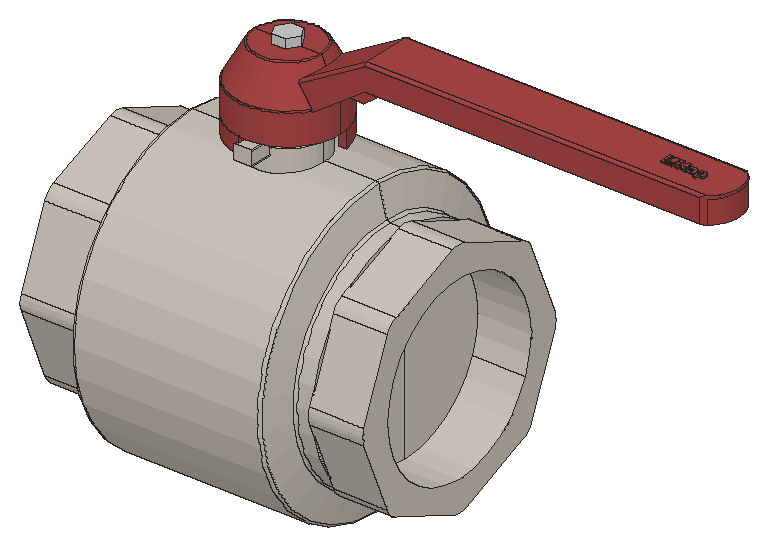
Revit family "090.", category Pipe Accessories, Revit 2019
Family settings
  Round Connector Dimension = Use Diameter
  Part Type = Valve - Breaks Into
  OmniClass Number = 23.45.00.00
  OmniClass Title = Sanitary, Laundry, and Cleaning Equipment
  Work Plane-Based = No
  Always vertical = Yes
  Cut with Voids When Loaded = No
  Shared = No
Parameters
  Screw = "Zinc-plated steel C4C"  # constant formula
  SH [instance] = size_lookup(CSV, "SH", 0.00 mm, DN)  # 10.00 mm
  SD [instance] = size_lookup(CSV, "SD", 0.00 mm, DN)  # 30.00 mm
  Lever handle = "Varnished steel P04\r"  # constant formula
  Lever Width [instance] = size_lookup(CSV, "W", 0.00 mm, DN)  # 50.00 mm
  URL = "https://www.itap.it/en/products/valves/ball-valves-and-gate-valves/090/"
  Stem = "Brass CW614N"  # constant formula
  Seat = "P.T.F.E."  # constant formula
  O-ring = "NBR"  # constant formula
  O ring = "Viton"  # constant formula
  Manufacturer = "ITAP S.p.A."  # constant formula
  Model = "090"
  LBS - psi [instance] = size_lookup(CSV, "LBS - psi", 0.00 mm, DN)  # 203.00 mm
  Kg/cm2 bar [instance] = size_lookup(CSV, "Kg/cm2 bar", 0.00 mm, DN)  # 14.00 mm
  HO [instance] = size_lookup(CSV, "HO", 0.00 mm, DN)  # 0.00 mm
  H1 [instance] = size_lookup(CSV, "H1", 0.00 mm, DN)  # 15.30 mm
  H [instance] = size_lookup(CSV, "H", 0.00 mm, DN)  # 18.00 mm
  F1 [instance] = size_lookup(CSV, "F1", 0.00 mm, DN)  # 34.00 mm
  Female end adapter = "Nickel-plated brass CW617N"  # constant formula
  F [instance] = size_lookup(CSV, "F", 0.00 mm, DN)  # 30.00 mm
  E [instance] = size_lookup(CSV, "E", 0.00 mm, DN)  # 100.00 mm
  Description = "IDEAL BALL VALVE, FULL FLOW"
  DN [instance] = 100.00 mm
  D [instance] = size_lookup(CSV, "D", 0.00 mm, DN)  # 250.00 mm
  Code [instance] = size_lookup(CSV, "", "-", DN)  # "0900400/N"
  CSV = "ITAP"
  G [instance] = size_lookup(CSV, "G", 0.00 mm, DN)  # 30.00 mm
  CH [instance] = size_lookup(CSV, "CH", 0.00 mm, DN)  # 125.00 mm
  C1 [instance] = Lever Width / 2  # 25.00 mm
  C [instance] = size_lookup(CSV, "C", 0.00 mm, DN)  # 149.00 mm
  Body = "Nickel-plated brass CW617N\r"  # constant formula
  Ball = "Chrome-plated brass CW617N"  # constant formula
  B [instance] = size_lookup(CSV, "B", 0.00 mm, DN)  # 164.00 mm
  AC1 [instance] = size_lookup(CSV, "AC1", 0.00 mm, DN)  # 3.00 mm
  AC [instance] = size_lookup(CSV, "AC", 0.00 mm, DN)  # 4.30 mm
  AB1 [instance] = size_lookup(CSV, "AB1", 0.00 mm, DN)  # 6.70 mm
  AB [instance] = size_lookup(CSV, "AB", 0.00 mm, DN)  # 10.40 mm
  A [instance] = size_lookup(CSV, "A", 0.00 mm, DN)  # 190.00 mm
Reference planes
  plane 1 "Centro (Fronte/Retro)": y = 0
  plane 2: z = 0
  plane 3 "Centro (Sinistra/Destra)": x = 0
  plane 4: z = 149
  plane 5: z = 82
  plane 6: x = -95
  plane 7: x = 95
  plane 8: x = -65
  plane 9: x = 65
  plane 10: z = -82
  plane 11: z = -50
  plane 12: y = 15
  plane 13: y = -15
  plane 14: y = 62.5
  plane 15: y = -62.5
  plane 16: x = -61
  plane 17: x = -57.3
  plane 18: x = -54.3
  plane 19: z = -66.7
  plane 20: z = -64
  plane 21: x = 50.3
  plane 22: x = 54.6
  plane 23: z = 50
  plane 24: x = 250
  plane 25: y = 3.487
  plane 26: y = -2.837
  plane 27: x = 0
Forms (mm)
  Revolve 1, solid, material "Body material_golden", detail levels fine
    sketch origin (0, 0, 0) x (1, 0, 0) y (0, 0, 1)
      loop
        line (-61, 0) -> (-61, -66.7)
        arc (-61, -66.7) -> (-58.669, -67.483) -> (-57.3, -69.527) r 3.814
        line (-57.3, -69.527) -> (-54.3, -80.723)
        arc (-54.3, -80.723) -> (-53.74, -81.601) -> (-52.778, -82) r 1.732
        line (-52.778, -82) -> (48.564, -82)
        arc (48.564, -82) -> (49.566, -81.732) -> (50.3, -80.998) r 2.004
        line (50.3, -80.998) -> (54.6, -64.999)
        arc (54.6, -64.999) -> (55.332, -64.268) -> (56.332, -64) r 2
        line (56.332, -64) -> (65, -64) -> (65, 0) -> (-61, 0)
      axis (-61, 0) -> (65, 0)
    angle from 0 to 360
  Extrusion 2, solid, material "Valve material_Red", detail levels fine
    sketch origin (-98.521, -1524, 149) x (-1, 0, 0) y (0, -1, 0)
      loop
        line (-314.2, -1527.487) -> (-314.2, -1526.014) -> (-315.689, -1526.014) -> (-315.689, -1527.487) -> (-314.2, -1527.487)
      loop
        line (-314.2, -1525.56) -> (-314.2, -1522.839)
        arc (-314.2, -1522.839) -> (-314.691, -1521.654) -> (-315.876, -1521.163) r 1.676
        line (-315.876, -1521.163) -> (-317.209, -1521.163) -> (-317.209, -1522.613) -> (-316.268, -1522.613)
        arc (-316.268, -1522.613) -> (-315.858, -1522.783) -> (-315.689, -1523.193) r 0.579
        line (-315.689, -1523.193) -> (-315.689, -1525.56) -> (-314.2, -1525.56)
      loop
        line (-317.707, -1527.487) -> (-317.707, -1525.56) -> (-316.247, -1525.56) -> (-316.247, -1524.04) -> (-317.707, -1524.04) -> (-317.707, -1523.212)
        arc (-317.707, -1523.212) -> (-318.307, -1521.763) -> (-319.756, -1521.163) r 2.049
        line (-319.756, -1521.163) -> (-320.751, -1521.163) -> (-320.751, -1522.613) -> (-319.818, -1522.613)
        arc (-319.818, -1522.613) -> (-319.421, -1522.778) -> (-319.257, -1523.175) r 0.561
        line (-319.257, -1523.175) -> (-319.257, -1524.04) -> (-320.751, -1524.04) -> (-320.751, -1524.997)
        arc (-320.751, -1524.997) -> (-320.587, -1525.395) -> (-320.189, -1525.56) r 0.562
        line (-320.189, -1525.56) -> (-319.257, -1525.56) -> (-319.257, -1527.487) -> (-317.707, -1527.487)
      loop
        line (-321.295, -1524.04) -> (-323.227, -1524.04)
        arc (-323.227, -1524.04) -> (-324.116, -1523.593) -> (-324.288, -1522.613) r 1.108
        line (-324.288, -1522.613) -> (-321.295, -1522.613) -> (-321.295, -1521.163) -> (-325.226, -1521.163)
        arc (-325.226, -1521.163) -> (-325.63, -1521.33) -> (-325.798, -1521.734) r 0.571
        line (-325.798, -1521.734) -> (-325.798, -1523.206)
        arc (-325.798, -1523.206) -> (-325.108, -1524.87) -> (-323.444, -1525.56) r 2.354
        line (-323.444, -1525.56) -> (-321.863, -1525.56)
        arc (-321.863, -1525.56) -> (-321.462, -1525.393) -> (-321.295, -1524.992) r 0.568
        line (-321.295, -1524.992) -> (-321.295, -1524.04)
      loop
        line (-326.383, -1524.04) -> (-328.315, -1524.04)
        arc (-328.315, -1524.04) -> (-329.204, -1523.593) -> (-329.376, -1522.613) r 1.108
        line (-329.376, -1522.613) -> (-326.383, -1522.613) -> (-326.383, -1519.519) -> (-327.833, -1519.519) -> (-327.833, -1521.163) -> (-330.314, -1521.163)
        arc (-330.314, -1521.163) -> (-330.718, -1521.33) -> (-330.885, -1521.734) r 0.571
        line (-330.885, -1521.734) -> (-330.885, -1523.206)
        arc (-330.885, -1523.206) -> (-330.196, -1524.87) -> (-328.532, -1525.56) r 2.354
        line (-328.532, -1525.56) -> (-326.95, -1525.56)
        arc (-326.95, -1525.56) -> (-326.549, -1525.393) -> (-326.383, -1524.992) r 0.568
        line (-326.383, -1524.992) -> (-326.383, -1524.04)
      loop
        line (-313.563, -1521.163) -> (-313.563, -1527.487) -> (-307.263, -1527.487) -> (-307.263, -1521.163) -> (-313.563, -1521.163)
      loop
        line (-308.515, -1526.964) -> (-308.515, -1525.522)
        arc (-308.515, -1525.522) -> (-308.944, -1525.331) -> (-309.372, -1525.522) r 0.575
        arc (-309.372, -1525.522) -> (-309.911, -1525.844) -> (-310.518, -1525.686) r 0.812
        line (-310.518, -1525.686) -> (-310.518, -1526.964) -> (-308.515, -1526.964)
      loop
        line (-310.518, -1523.719) -> (-310.518, -1525.169)
        arc (-310.518, -1525.169) -> (-310.025, -1525.418) -> (-309.533, -1525.169) r 0.612
        arc (-309.533, -1525.169) -> (-309.024, -1524.912) -> (-308.515, -1525.169) r 0.632
        line (-308.515, -1525.169) -> (-308.515, -1523.48)
        arc (-308.515, -1523.48) -> (-309.018, -1522.267) -> (-310.231, -1521.764) r 1.715
        line (-310.231, -1521.764) -> (-313.137, -1521.764) -> (-313.137, -1523.719) -> (-310.518, -1523.719)
    from 0.5 to -0.5
Lines and regions (mm)
  model lines, detail levels coarse+medium
    curve 1: line (-65, 62.5, 0) -> (-65, -62.5, 0)
    curve 2: line (65, 62.5, 0) -> (65, -62.5, 0)
    curve 3: line (65, 0, 0) -> (95, 0, 0)
    curve 4: line (-65, 0, 0) -> (-95, 0, 0)
    curve 5: line (-65, 62.5, 0) -> (-12.459, 48.423, 0)
    curve 6: line (65, 62.5, 0) -> (12.459, 48.423, 0)
    curve 7: circle (0, 0, 0) r 50 normal (0, 0, 1)
    curve 8: line (-12.459, -48.423, 0) -> (-65, -62.5, 0)
    curve 9: line (12.459, -48.423, 0) -> (65, -62.5, 0)
Dimensions and locks
  "C": plane 4 to level
  equal spacing: plane 6, plane 3 "Centro (Sinistra/Destra)", plane 7
  "A": plane 6 to plane 7
  "G": plane 6 to plane 8
  "F": plane 7 to plane 9
  equal spacing: plane 5, level, plane 10
  "B": plane 5 to plane 10
  equal spacing: plane 13, plane 1 "Centro (Fronte/Retro)", plane 12
  "G": plane 13 to plane 12
  equal spacing: plane 14, plane 1 "Centro (Fronte/Retro)", plane 15
  "CH": plane 14 to plane 15
  "F1": plane 16 to plane 6
  nested 1 to nested 1 = 125.00 mm
  locked: plane 18 to Revolve 1 sketch curve at 1.522
  "AC1": plane 17 to plane 18
  "H1": plane 19 to plane 10
  locked: Revolve 1 sketch curve to Revolve 1 sketch curve at 1.987
  locked: Revolve 1 sketch curve to plane 10 at 1.277
  "AB1": plane 18 to plane 16
  "H": plane 20 to plane 10
  "AC": plane 21 to plane 22
  locked: Revolve 1 sketch curve to plane 22 at 1.732
  locked: Revolve 1 sketch curve to plane 10 at 1.002
  locked: Revolve 1 sketch curve to Revolve 1 sketch curve at 2.004
  locked: Revolve 1 sketch curve to Revolve 1 sketch curve at 1.999
  "AB": plane 9 to plane 22
  equal spacing: plane 23, plane 2, plane 11
  "E": plane 23 to plane 11
  "D": plane 24 to plane 3 "Centro (Sinistra/Destra)"
  Extrusion 2 to Extrusion 2 to Extrusion 2 to Extrusion 2 to Extrusion 2 to Extrusion 2 to plane 24 = 6.30 mm locked, 3.645 mm locked, 4.087 mm locked, 5.088 mm locked, 4.502 mm locked, 17.636 mm locked
  plane 26 to plane 1 "Centro (Fronte/Retro)" to plane 25 = 2.837 mm locked, 3.487 mm locked
  Extrusion 2 to plane 4 to Extrusion 2 = 0.50 mm, 0.50 mm
  "HO": plane 3 "Centro (Sinistra/Destra)" to plane 27
  "DN": diameter of curve 7
  aligned and locked: level to plane 2
  aligned and locked: Revolve 1 sketch curve to plane 9
  aligned and locked: plane 10 to Revolve 1 sketch curve  (x2)
  aligned and locked: nested 1 to plane 7
  aligned and locked: curve 2 to plane 9
  aligned and locked: curve 1 to plane 8
  aligned and locked: plane 14 to curve 5
  aligned and locked: plane 15 to curve 8
  aligned and locked: curve 9 to plane 15
  aligned and locked: curve 6 to plane 14
  aligned and locked: Revolve 1 sketch curve to level
  aligned and locked: Revolve 1 sketch curve to plane 2
  aligned and locked: plane 1 "Centro (Fronte/Retro)" to nested 2
  aligned and locked: nested 2 to plane 2
  aligned and locked: nested 2 to plane 6
  aligned and locked: plane 22 to Revolve 1 sketch curve
  aligned and locked: plane 21 to Revolve 1 sketch curve
  aligned and locked: Revolve 1 sketch curve to plane 20
  aligned and locked: Revolve 1 sketch curve to plane 16
  aligned and locked: plane 17 to Revolve 1 sketch curve
  aligned and locked: plane 19 to Revolve 1 sketch curve
  aligned and locked: Extrusion 2 to plane 25  (x3)
  aligned and locked: plane 26 to Extrusion 2  (x5)
  aligned and locked: plane 27 to nested 3
  aligned and locked: plane 1 "Centro (Fronte/Retro)" to nested 3
  aligned and locked: nested 3 to plane 4
Automatic sketch dimensions
  plane 1 "Centro (Fronte/Retro)" to curve 4 = 0.00 mm
  curve 4 to plane 6 = 0.00 mm
  plane 1 "Centro (Fronte/Retro)" to curve 7 = 0.00 mm
  curve 7 to plane 3 "Centro (Sinistra/Destra)" = 0.00 mm
  plane 1 "Centro (Fronte/Retro)" to curve 3 = 0.00 mm
  curve 3 to plane 7 = 0.00 mm
  Revolve 1 sketch curve to plane 8 = 0.00 mm
  plane 16 to Revolve 1 sketch curve = 0.016 mm
  Revolve 1 sketch curve to plane 18 = 1.673 mm
  plane 22 to Revolve 1 sketch curve = 2.515 mm
  curve 5 to plane 3 "Centro (Sinistra/Destra)" = 12.459 mm
  plane 3 "Centro (Sinistra/Destra)" to curve 6 = 12.459 mm
  curve 8 to plane 3 "Centro (Sinistra/Destra)" = 12.459 mm
  plane 3 "Centro (Sinistra/Destra)" to curve 9 = 12.459 mm
  plane 26 to Extrusion 2 sketch curve = 0.00 mm  (x5)
  plane 25 to Extrusion 2 sketch curve = 0.00 mm  (x3)
  Extrusion 2 sketch curve to plane 26 = 0.571 mm
  Extrusion 2 sketch curve to plane 24 = 17.636 mm
  Extrusion 2 sketch curve to Extrusion 2 sketch curve = 0.938 mm  (x2)
  Extrusion 2 sketch curve to plane 1 "Centro (Fronte/Retro)" = 1.56 mm  (x2)
  Extrusion 2 sketch curve to Extrusion 2 sketch curve = 0.844 mm
  Extrusion 2 sketch curve to Extrusion 2 sketch curve = 0.217 mm  (x2)
  Extrusion 2 sketch curve to Extrusion 2 sketch curve = 2.481 mm
  Extrusion 2 sketch curve to Extrusion 2 sketch curve = 1.364 mm  (x2)
  Extrusion 2 sketch curve to Extrusion 2 sketch curve = 1.932 mm  (x2)
  Extrusion 2 sketch curve to plane 1 "Centro (Fronte/Retro)" = 0.04 mm  (x4)
  Extrusion 2 sketch curve to Extrusion 2 sketch curve = 0.568 mm  (x2)
  Extrusion 2 sketch curve to Extrusion 2 sketch curve = 0.585 mm
  Extrusion 2 sketch curve to Extrusion 2 sketch curve = 0.571 mm
  Extrusion 2 sketch curve to Extrusion 2 sketch curve = 2.939 mm
  Extrusion 2 sketch curve to Extrusion 2 sketch curve = 0.544 mm  (x2)
  Extrusion 2 sketch curve to Extrusion 2 sketch curve = 0.562 mm
  Extrusion 2 sketch curve to Extrusion 2 sketch curve = 0.933 mm
  Extrusion 2 sketch curve to Extrusion 2 sketch curve = 0.995 mm
  Extrusion 2 sketch curve to Extrusion 2 sketch curve = 0.499 mm
  Extrusion 2 sketch curve to Extrusion 2 sketch curve = 0.932 mm
  plane 1 "Centro (Fronte/Retro)" to Extrusion 2 sketch curve = 0.788 mm
  Extrusion 2 sketch curve to Extrusion 2 sketch curve = 1.55 mm
  Extrusion 2 sketch curve to Extrusion 2 sketch curve = 0.498 mm
  Extrusion 2 sketch curve to Extrusion 2 sketch curve = 0.941 mm
  Extrusion 2 sketch curve to Extrusion 2 sketch curve = 1.46 mm
  Extrusion 2 sketch curve to Extrusion 2 sketch curve = 0.392 mm
  Extrusion 2 sketch curve to Extrusion 2 sketch curve = 0.558 mm
  Extrusion 2 sketch curve to Extrusion 2 sketch curve = 0.187 mm
  Extrusion 2 sketch curve to Extrusion 2 sketch curve = 1.489 mm
  Extrusion 2 sketch curve to Extrusion 2 sketch curve = 0.00 mm  (x4)
  Extrusion 2 sketch curve to Extrusion 2 sketch curve = 0.636 mm
  Extrusion 2 sketch curve to Extrusion 2 sketch curve = 0.427 mm
  plane 25 to Extrusion 2 sketch curve = 0.523 mm
  Extrusion 2 sketch curve to Extrusion 2 sketch curve = 3.045 mm
  plane 1 "Centro (Fronte/Retro)" to Extrusion 2 sketch curve = 0.281 mm
  Extrusion 2 sketch curve to plane 26 = 0.601 mm
  Extrusion 2 sketch curve to Extrusion 2 sketch curve = 0.287 mm
  Extrusion 2 sketch curve to Extrusion 2 sketch curve = 0.493 mm
  Extrusion 2 sketch curve to Extrusion 2 sketch curve = 1.001 mm
  Extrusion 2 sketch curve to Extrusion 2 sketch curve = 0.08 mm
  Extrusion 2 sketch curve to Extrusion 2 sketch curve = 0.428 mm
  plane 1 "Centro (Fronte/Retro)" to Extrusion 2 sketch curve = 0.52 mm
  Extrusion 2 sketch curve to Extrusion 2 sketch curve = 1.252 mm
  plane 25 to Extrusion 2 sketch curve = 1.473 mm
  Extrusion 2 sketch curve to Extrusion 2 sketch curve = 1.059 mm
  Extrusion 2 sketch curve to Extrusion 2 sketch curve = 1.278 mm
  Extrusion 2 sketch curve to Extrusion 2 sketch curve = 0.454 mm
  Extrusion 2 sketch curve to Extrusion 2 sketch curve = 1.52 mm
  Extrusion 2 sketch curve to Extrusion 2 sketch curve = 0.361 mm
  Extrusion 2 sketch curve to Extrusion 2 sketch curve = 0.022 mm
  Extrusion 2 sketch curve to Extrusion 2 sketch curve = 0.353 mm
  Extrusion 2 sketch curve to Extrusion 2 sketch curve = 0.517 mm
  Extrusion 2 sketch curve to Extrusion 2 sketch curve = 0.129 mm
  Extrusion 2 sketch curve to Extrusion 2 sketch curve = 0.234 mm
  Extrusion 2 sketch curve to Extrusion 2 sketch curve = 0.354 mm
  Extrusion 2 sketch curve to Extrusion 2 sketch curve = 0.037 mm
  Extrusion 2 sketch curve to Extrusion 2 sketch curve = 0.274 mm  (x2)
  plane 26 to Extrusion 2 sketch curve = 1.644 mm
Nested families
  nested 1: "BOLT(2)" at (99.509, -62.5, -45.982) x (0, 1, 0) z (0, 0, 1), F <- "F", E <- "E", CH <- "CH", type "BOLT(2)", detail levels fine
    with W 8.50 mm, F 30.00 mm, E 100.00 mm, CH 125.00 mm, Body Body material_golden
  nested 2: "BOLT(2)" at (-60.491, -62.5, -45.982) x (0, 1, 0) z (0, 0, 1), F <- "F1", CH <- "CH", E <- "E", type "BOLT(2)", detail levels fine
    with W 8.50 mm, F 34.00 mm, E 100.00 mm, CH 125.00 mm, Body Body material_golden
  nested 3: "Valve handle_090_1" at (0, 0, 0.5), DN <- "DN", type "Valve handle_090_1", detail levels fine
    with h2 6.00 mm, h1 3.50 mm, body material Body material_golden, X2 20.00 mm, X1 17.50 mm, Width of lever 30.00 mm, WH 94.94 mm, TL 62.00 mm, T2 8.24 mm, T1 10.00 mm, RH2 115.50 mm, RH1 98.00 mm, RH 86.70 mm, R1 18.00 mm, R 29.50 mm, Lever bolt material_silver Valve material_Screw, Lever Material Valve material_Red, Lever Height 23.20 mm, L3 11.00 mm, L2 54.50 mm, L1 14.30 mm, Head Rod 62.00 mm, Extrusion height 89.00 mm, DNA 100.00 mm, DN 100.00 mm, D2 17.00 mm, D1 54.50 mm, D 250.00 mm, C4 97.50 mm, C3 103.80 mm, C2 127.00 mm, C1 134.00 mm, C 148.50 mm, Bolt Height 5.00 mm, Bolt Diameter 13.00 mm, 80 yes, 65 no
Connectors
  piping at (95, 0, 0), diameter 100, driven by "DN"
    settings: on nested 1, index 1, connector inside diameter 609.6 mm, connector length 0.00 mm, flow factor 0, pipe flow 0.0 L/s, pressure drop 0.0 Pa, fitting loss kfactor 0, connector angle 0.00°, fixture units 0, engagement length 0.00 mm, angle of deflection 0.00°, flow configuration 0, flow direction 0, fitting loss method 0, system type 28, joint type 0, gender type 0, connector reference index -1, connector utility 0, adjustable connector no, is connector primary yes, connector description ""
  piping at (-95, 0, 0), diameter 100, driven by "DN"
    settings: on nested 2, index 2, connector inside diameter 609.6 mm, connector length 0.00 mm, flow factor 0, pipe flow 0.0 L/s, pressure drop 0.0 Pa, fitting loss kfactor 0, connector angle 0.00°, fixture units 0, engagement length 0.00 mm, angle of deflection 0.00°, flow configuration 0, flow direction 0, fitting loss method 0, system type 28, joint type 0, gender type 0, connector reference index -1, connector utility 0, adjustable connector no, is connector primary no, connector description ""
Definition of nested family "BOLT(2)"
  Parameters (values of type "BOLT(2)")
    W [instance] = CH / 14.7059  # 1.70 mm
    E [instance] = 15.00 mm
    CH [instance] = 25.00 mm
    F [instance] = 15.00 mm
    Body [instance] = none
  Reference planes
    plane 1 "Center (Front/Back)": y = 0
    plane 2: z = 0
    plane 3 "Center (Left/Right)": x = 0
    plane 4: through (-714.415, 1225.272, -1796.993) normal (0.9239, 0, -0.3827)
    plane 5: through (-691.318, 1225.272, -1806.56) normal (0.9239, 0, -0.3827)
    plane 6: through (1905.476, 1225.272, -730.933) normal (0.3827, 0, 0.9239)
    plane 7: through (1915.043, 1225.272, -707.836) normal (0.3827, 0, 0.9239)
    plane 8: through (62.5, 1225.272, 45.982) normal (-0.9239, 0, -0.3827)
    plane 9: through (42.834, 1225.272, 60.797) normal (-0.9239, 0, -0.3827)
    plane 10: through (65.931, 1225.272, 70.364) normal (-0.9239, 0, -0.3827)
    plane 11: through (42.902, 1225.272, 37.865) normal (0.3827, 0, -0.9239)
    plane 12: through (38.118, 1225.272, 49.413) normal (0.3827, 0, -0.9239)
    plane 13: through (47.685, 1225.272, 26.316) normal (0.3827, 0, -0.9239)
    plane 14: through (62.5, 15.272, 45.982) normal (-0.3827, 0, -0.9239)
    plane 15: through (62.5, 15.272, 45.982) normal (0.9239, 0, -0.3827)
    plane 16: x = 62.5
    plane 17: x = 63.35
    plane 18: x = 61.65
    plane 19: through (62.5, -1524, 45.982) normal (-0.7071, 0, -0.7071)
    plane 20: through (76.076, -1524, 33.609) normal (-0.7071, 0, -0.7071)
    plane 21: through (74.874, -1524, 32.407) normal (-0.7071, 0, -0.7071)
    plane 22: z = 45.982
    plane 23: z = 46.832
    plane 24: z = 45.132
    plane 25: through (62.5, -1524, 45.982) normal (0.7071, 0, -0.7071)
    plane 26: through (75.309, -1524, 59.993) normal (0.7071, 0, -0.7071)
    plane 27: through (76.511, -1524, 58.791) normal (0.7071, 0, -0.7071)
  Forms (mm)
    Extrusion 1, solid, material <- "Body"
      sketch origin (62.5, 25.272, 45.982) x (0.92388, 0, -0.382683) y (-0.382683, 0, -0.92388)
        loop
          arc (-11.849, 5.828) -> (-12.331, 5.108) -> (-12.5, 4.258) r 2.221
          line (-12.5, 4.258) -> (-12.5, -4.258)
          arc (-12.5, -4.258) -> (-12.331, -5.108) -> (-11.849, -5.828) r 2.221
          line (-11.849, -5.828) -> (-5.828, -11.849)
          arc (-5.828, -11.849) -> (-5.108, -12.331) -> (-4.258, -12.5) r 2.221
          line (-4.258, -12.5) -> (4.258, -12.5)
          arc (4.258, -12.5) -> (5.108, -12.331) -> (5.828, -11.849) r 2.221
          line (5.828, -11.849) -> (11.849, -5.828)
          arc (11.849, -5.828) -> (12.331, -5.108) -> (12.5, -4.258) r 2.221
          line (12.5, -4.258) -> (12.5, 4.258)
          arc (12.5, 4.258) -> (12.331, 5.108) -> (11.849, 5.828) r 2.221
          line (11.849, 5.828) -> (5.828, 11.849)
          arc (5.828, 11.849) -> (5.108, 12.331) -> (4.258, 12.5) r 2.221
          line (4.258, 12.5) -> (-4.258, 12.5)
          arc (-4.258, 12.5) -> (-5.108, 12.331) -> (-5.828, 11.849) r 2.221
          line (-5.828, 11.849) -> (-11.849, 5.828)
        loop
          circle (0, 0) r 7.5
      from 9.237 to -5.763
  Dimensions and locks
    equal spacing: plane 9, plane 8, plane 10
    equal spacing: plane 13, plane 11, plane 12
    equal spacing: plane 6, plane 14, plane 7
    equal spacing: plane 5, plane 15, plane 4
    "CH": plane 5 to plane 4
    "CH": plane 9 to plane 10
    "CH": plane 13 to plane 12
    "CH": plane 6 to plane 7
    "F": Extrusion 1 to Extrusion 1
    equal spacing: plane 18, plane 16, plane 17
    "W": plane 18 to plane 17
    equal spacing: plane 23, plane 22, plane 24
    "W": plane 23 to plane 24
    equal spacing: plane 21, plane 19, plane 20
    "W": plane 21 to plane 20
    equal spacing: plane 27, plane 25, plane 26
    "W": plane 27 to plane 26
    "E": diameter of Extrusion 1 sketch curve
    aligned and locked: level to plane 2
    aligned and locked: Extrusion 1 sketch curve to plane 6
    aligned and locked: Extrusion 1 sketch curve to plane 4
    aligned and locked: Extrusion 1 sketch curve to plane 12
    aligned and locked: plane 9 to Extrusion 1 sketch curve
    aligned and locked: plane 13 to Extrusion 1 sketch curve
    aligned and locked: plane 5 to Extrusion 1 sketch curve
    aligned and locked: Extrusion 1 sketch curve to plane 10
    aligned and locked: plane 7 to Extrusion 1 sketch curve
    aligned and locked: plane 14 to Extrusion 1 sketch curve
    aligned and locked: plane 15 to Extrusion 1 sketch curve
    aligned and locked: plane 21 to Extrusion 1 sketch curve  (x2)
    aligned and locked: plane 23 to Extrusion 1 sketch curve  (x2)
    aligned and locked: plane 24 to Extrusion 1 sketch curve  (x2)
    aligned and locked: plane 26 to Extrusion 1 sketch curve  (x2)
    aligned and locked: plane 27 to Extrusion 1 sketch curve  (x2)
    aligned and locked: plane 18 to Extrusion 1 sketch curve  (x2)
    aligned and locked: plane 17 to Extrusion 1 sketch curve  (x2)
    aligned and locked: plane 20 to Extrusion 1 sketch curve
Definition of nested family "Valve handle_090_1"
  Parameters (values of type "Valve handle_090_1")
    h2 [instance] = size_lookup(Table, "h2", 0.00 mm, DNA)  # 6.00 mm
    h1 [instance] = size_lookup(Table, "h1", 0.00 mm, DNA)  # 3.50 mm
    X2 [instance] = size_lookup(Table, "X2", 0.00 mm, DNA)  # 20.00 mm
    X1 [instance] = size_lookup(Table, "X1", 0.00 mm, DNA)  # 17.50 mm
    Width of lever [instance] = size_lookup(Table, "WL", 0.00 mm, DNA)  # 30.00 mm
    WH [instance] = size_lookup(Table, "WH", 0.00 mm, DNA)  # 94.94 mm
    Table = "Handle"  # constant formula
    TL [instance] = size_lookup(Table, "TL", 0.00 mm, DNA)  # 62.00 mm
    T2 [instance] = size_lookup(Table, "T2", 0.00 mm, DNA)  # 8.24 mm
    T1 [instance] = size_lookup(Table, "T1", 0.00 mm, DNA)  # 10.00 mm
    RH2 [instance] = size_lookup(Table, "RH2", 0.00 mm, DNA)  # 115.50 mm
    RH1 [instance] = size_lookup(Table, "RH1", 0.00 mm, DNA)  # 98.00 mm
    RH [instance] = size_lookup(Table, "RH", 0.00 mm, DNA)  # 86.70 mm
    R1 [instance] = size_lookup(Table, "R1", 0.00 mm, DNA)  # 18.00 mm
    R [instance] = size_lookup(Table, "R", 0.00 mm, DNA)  # 29.50 mm
    Lever Material [instance] = none
    Lever Height [instance] = C2 - C3  # 23.20 mm
    L3 [instance] = if(DN = 65.00 mm, 21.00 mm, (if(DN = 100.00 mm, 11.00 mm, 11.00 mm)))  # 11.00 mm
    L2 [instance] = if(DN = 65.00 mm, 46.00 mm, (if(DN = 100.00 mm, 54.50 mm, 54.50 mm)))  # 54.50 mm
    L1 [instance] = if(DN = 100.00 mm, 14.30 mm, if(DN = 65.00 mm, 11.80 mm, 14.30 mm))  # 14.30 mm
    Head Rod [instance] = size_lookup(Table, "HR", 0.00 mm, DNA)  # 62.00 mm
    Extrusion height [instance] = size_lookup(Table, "EH", 0.00 mm, DNA)  # 89.00 mm
    DNA [instance] = if(DN < 8.00 mm, 8.00 mm, if(DN > 100.00 mm, 100.00 mm, DN))  # 100.00 mm
    DN [instance] = 100.00 mm
    D2 [instance] = size_lookup(Table, "D2", 0.00 mm, DNA)  # 17.00 mm
    D1 [instance] = size_lookup(Table, "D1", 0.00 mm, DNA)  # 54.50 mm
    C4 [instance] = size_lookup(Table, "C4", 0.00 mm, DNA)  # 97.50 mm
    C3 [instance] = size_lookup(Table, "C3", 0.00 mm, DNA)  # 103.80 mm
    C2 [instance] = size_lookup(Table, "C2", 0.00 mm, DNA)  # 127.00 mm
    C1 [instance] = size_lookup(Table, "C1", 0.00 mm, DNA)  # 134.00 mm
    C [instance] = size_lookup(Table, "C", 0.00 mm, DNA)  # 148.50 mm
    Bolt Height [instance] = size_lookup(Table, "BH", 0.00 mm, DNA)  # 5.00 mm
    Bolt Diameter [instance] = size_lookup(Table, "BD", 0.00 mm, DNA)  # 13.00 mm
    body material [instance] = none
    Lever bolt material_silver [instance] = none
    D [instance] = size_lookup(Table, "D", 0.00 mm, DNA)  # 250.00 mm
    80 [instance] = not(DN = 65.00 mm)  # yes
    65 [instance] = DN = 65.00 mm  # no
  Reference planes
    plane 1 "Center (Front/Back)": y = 0
    plane 2: z = 0
    plane 3 "Center (Left/Right)": x = 0
    plane 4: x = 250
    plane 5: y = -15
    plane 6: y = 15
    plane 7: z = 121.3
    plane 8: z = 148.5
    plane 9: x = 6.5
    plane 10: x = -6.5
    plane 11: x = 54.5
    plane 12: x = 17
    plane 13: z = 127
    plane 14: z = 97.5
    plane 15: z = 103.8
    plane 16: z = 134
    plane 17: z = 125.3
    plane 18: z = 134.2
    plane 19: z = 125.3
    plane 20: x = -29.5
    plane 21: x = -18
    plane 22: z = 115.5
    plane 23: z = 98
    plane 24: z = 89
    plane 25: x = 54.5
    plane 26: x = 11
    plane 27: x = -5
    plane 28: x = 5
    plane 29: z = 94.94
    plane 30: z = 86.7
    plane 31: y = 31
    plane 32: y = -31
  Forms (mm)
    Extrusion 1, void
      sketch origin (0, 0, 0) x (1, 0, 0) y (0, 1, 0)
        loop
          line (251.712, 15.3) -> (238.289, 15.3)
          spline (238.289, 15.3) -> (241.32, 14.779) -> (244.145, 13.25) -> (246.57, 10.819) -> (248.431, 7.65) -> (249.601, 3.96) -> (250, 0) -> (249.601, -3.96) -> (248.431, -7.65) -> (246.57, -10.819) -> (244.145, -13.25) -> (241.32, -14.779) -> (238.289, -15.3)
          line (238.289, -15.3) -> (251.712, -15.3) -> (251.712, 15.3)
      from 125.3 to 150.5
    Extrusion 2, solid, material <- "Lever Material"
      sketch origin (0, 0, 0) x (1, 0, 0) y (0, 1, 0)
        loop
          line (250, 13.5) -> (240, 13.5) -> (240, -13.5) -> (250, -13.5) -> (250, 13.5)
      from 134.2 to 147
    Sweep 3, solid, material <- "Lever Material"
      path origin (0, 0, 0) x (1, 0, 0) y (0, 0, 1)
        loop
          line (0, 127) -> (17, 127) -> (54.5, 148.5) -> (250, 148.5)
      profile origin (152.25, 0, 148.5) x (0, 0, 1) y (0, -1, 0)
        loop
          line (0, -13.48) -> (0, 13.48)
          arc (0, 13.48) -> (-0.445, 14.555) -> (-1.52, 15) r 1.52
          line (-1.52, 15) -> (-23.2, 15) -> (-23.2, 13.5) -> (-1.5, 13.5) -> (-1.5, -13.5) -> (-23.2, -13.5) -> (-23.2, -15) -> (-1.52, -15)
          arc (-1.52, -15) -> (-0.445, -14.555) -> (0, -13.48) r 1.52
    Revolve 4, solid, material <- "body material"
      sketch origin (0, 0, 0) x (1, 0, 0) y (0, 0, 1)
        loop
          line (-20, 91.5) -> (-20, 0) -> (0, 0) -> (0, 103.8) -> (-17.5, 103.8) -> (-17.5, 94) -> (-20, 91.5)
        axis (0, 0) -> (0, 103.8)
      angle from 0 to 360
    Extrusion 5, void
      sketch origin (0, 0, 0) x (1, 0, 0) y (0, 0, 1)
        loop
          line (54.5, 134.2) -> (11, 103.8) -> (47.429, 103.8) -> (70.929, 121.3) -> (253, 121.3) -> (253, 134.2) -> (54.5, 134.2)
      from -17 to 17
    Revolve 6, solid, material <- "Lever Material"
      sketch origin (0, 0, 0) x (1, 0, 0) y (0, 0, 1)
        loop
          line (-29.5, 98) -> (-25.5, 98) -> (-25.5, 113.947) -> (-16.289, 130) -> (0, 130) -> (0, 134) -> (-18, 134)
          arc (-18, 134) -> (-18.456, 133.899) -> (-18.827, 133.615) r 1.079
          line (-18.827, 133.615) -> (-29.221, 115.5)
          arc (-29.221, 115.5) -> (-29.428, 115.141) -> (-29.5, 114.732) r 1.194
          line (-29.5, 114.732) -> (-29.5, 98)
        axis (0, 98) -> (0, 134)
      angle from 0 to 360
    Extrusion 7, solid, material <- "Lever Material"
      sketch origin (0, 0, 0) x (1, 0, 0) y (0, 1, 0)
        loop
          arc (-3.979, -25.169) -> (-18.018, -18.018) -> (-25.169, -3.979) r 25.481
          line (-25.169, -3.979) -> (-29.23, -3.979)
          arc (-29.23, -3.979) -> (-20.86, -20.86) -> (-3.979, -29.23) r 29.5
          line (-3.979, -29.23) -> (-3.979, -25.169)
      from 89 to 98
    Extrusion 8, solid, material <- "Lever Material"
      sketch origin (0, 0, 0) x (1, 0, 0) y (0, 1, 0)
        loop
          arc (3.979, 25.169) -> (18.018, 18.018) -> (25.169, 3.979) r 25.481
          line (25.169, 3.979) -> (29.23, 3.979)
          arc (29.23, 3.979) -> (20.86, 20.86) -> (3.979, 29.23) r 29.5
          line (3.979, 29.23) -> (3.979, 25.169)
      from 89 to 98
    Extrusion 9, solid, material <- "Lever Material"
      sketch origin (0, 0, 0) x (1, 0, 0) y (0, 0, 1)
        loop
          line (2.621, 103.8) -> (27.719, 103.8) -> (61.13, 124.5) -> (130.5, 124.5) -> (130.5, 147) -> (55.121, 147) -> (2.621, 103.8)
      from -13.5 to 13.5
    Extrusion 10, solid, material <- "body material"
      sketch origin (0, 0, 0) x (1, 0, 0) y (0, 0, 1)
        loop
          arc (-4.5, 94.94) -> (-4.854, 94.794) -> (-5, 94.44) r 0.5
          line (-5, 94.44) -> (-5, 87.2)
          arc (-5, 87.2) -> (-4.854, 86.846) -> (-4.5, 86.7) r 0.5
          line (-4.5, 86.7) -> (4.5, 86.7)
          arc (4.5, 86.7) -> (4.854, 86.846) -> (5, 87.2) r 0.5
          line (5, 87.2) -> (5, 94.44)
          arc (5, 94.44) -> (4.854, 94.794) -> (4.5, 94.94) r 0.5
          line (4.5, 94.94) -> (-4.5, 94.94)
      from -31 to 31
  Cuts and joins
    Extrusion 1 cuts Extrusion 2
    Extrusion 5 cuts Extrusion 9
    joined: Extrusion 2, Extrusion 9
    Extrusion 1, Extrusion 5 cuts Sweep 3
  Lines and regions (mm)
    reference lines
      curve 1: line (17, 0, 127) -> (54.5, 0, 148.5)
      curve 2: line (23.179, 0, 103.8) -> (63.964, 0, 127.184)
      curve 3: line (17.107, 0, 110.578) -> (35.722, 0, 121.251)
      curve 4: line (23.179, 0, 103.8) -> (58.309, 0, 134.2)
      curve 6: line (83.685, 0, 150.5) -> (274.89, 0, 150.5)
    model lines
      curve 5: line (4.983, 0, 127.47) -> (19.483, 0, 127.47)
  Dimensions and locks
    "D": plane 4 to plane 3 "Center (Left/Right)"
    equal spacing: plane 5, plane 1 "Center (Front/Back)", plane 6
    "Width of lever": plane 5 to plane 6
    locked: Extrusion 1 sketch curve to plane 6 at 0.3
    locked: Extrusion 1 sketch curve to plane 5 at 0.3
    locked: plane 4 to Extrusion 1 sketch curve at 1.712
    locked: Extrusion 2 to plane 4 at 10
    "C": plane 8 to level
    equal spacing: plane 9, plane 3 "Center (Left/Right)", plane 10
    "Bolt Diameter": plane 9 to plane 10
    "D1": plane 11 to plane 3 "Center (Left/Right)"
    "D2": plane 12 to plane 3 "Center (Left/Right)"
    locked: Sweep 3 sketch curve to Sweep 3 sketch curve at 1.5  (x2)
    "X1": plane 3 "Center (Left/Right)" to Revolve 4 sketch curve
    "X2": Revolve 4 sketch curve to plane 3 "Center (Left/Right)"
    "C4": plane 14 to level
    "C3": plane 15 to level
    "C2": plane 13 to level
    "C1": plane 16 to level
    "h1": plane 14 to Revolve 4 sketch curve
    "h2": plane 14 to Revolve 4 sketch curve
    "Lever Height": plane 17 to plane 8
    locked: Sweep 3 sketch curve to plane 8 at 1.5
    "Lever Height": curve 2 to curve 1
    "L1": plane 8 to plane 18
    "Lever Height": plane 8 to plane 19
    locked: plane 19 to plane 7 at 4
    locked: plane 4 to Extrusion 5 sketch curve at 3
    locked: Extrusion 5 to plane 6 at 2
    locked: Extrusion 5 to plane 5 at 2
    "L1": curve 3 to curve 1
    "R": plane 20 to plane 3 "Center (Left/Right)"
    "R1": plane 21 to plane 3 "Center (Left/Right)"
    locked: plane 16 to Revolve 6 sketch curve at 0.385
    locked: Revolve 6 sketch curve to plane 21 at 0.827
    locked: Revolve 6 sketch curve to Revolve 6 sketch curve at 0.912
    "RH2": plane 22 to plane 2
    "RH1": plane 23 to plane 2
    locked: plane 20 to Revolve 6 sketch curve at 0.279
    locked: plane 22 to Revolve 6 sketch curve at 0.768
    locked: Revolve 6 sketch curve to Revolve 6 sketch curve at 0.817
    "Extrusion height": plane 24 to plane 2
    locked: Extrusion 7 sketch curve to Extrusion 7 sketch curve at 4.062  (x2)
    locked: Extrusion 7 sketch curve to plane 1 "Center (Front/Back)" at 3.979
    locked: Extrusion 7 sketch curve to plane 3 "Center (Left/Right)" at 3.979
    locked: plane 3 "Center (Left/Right)" to Extrusion 8 sketch curve at 3.979
    locked: plane 1 "Center (Front/Back)" to Extrusion 8 sketch curve at 3.979
    locked: Extrusion 8 sketch curve to Extrusion 8 sketch curve at 4.062  (x2)
    locked: plane 16 to Revolve 6 sketch curve at 4
    locked: plane 20 to Revolve 6 sketch curve at 4
    locked: Revolve 6 sketch curve to Revolve 6 sketch curve at 4
    locked: plane 11 to Extrusion 5 sketch curve at 7.071
    "L2": plane 25 to plane 3 "Center (Left/Right)"
    locked: Extrusion 9 sketch curve to plane 11 at 76
    locked: plane 6 to cut or joined group of Extrusion 1, Extrusion 2, Extrusion 5, Extrusion 9 at 1.5
    locked: plane 5 to cut or joined group of Extrusion 1, Extrusion 2, Extrusion 5, Extrusion 9 at 1.5
    "L3": plane 3 "Center (Left/Right)" to plane 26
    locked: curve 6 to plane 8 at 2
    locked: plane 19 to Extrusion 5 sketch curve at 4
    locked: plane 8 to cut or joined group of Extrusion 1, Extrusion 2, Extrusion 5, Extrusion 9 at 1.5
    locked: nested 2 to plane 11 at 35.897
    locked: nested 2 to level at 103.215
    equal spacing: plane 28, plane 3 "Center (Left/Right)", plane 27
    "T1": plane 28 to plane 27
    "T2": plane 29 to plane 30
    equal spacing: plane 32, plane 1 "Center (Front/Back)", plane 31
    "TL": plane 32 to plane 31
    "WH": plane 29 to level
    locked: plane 24 to Extrusion 5 sketch curve (angle 36.6743°)
    aligned and locked: level to plane 2
    aligned and locked: plane 11 to Sweep 3 sketch curve
    aligned and locked: plane 3 "Center (Left/Right)" to Sweep 3 sketch curve
    aligned and locked: Sweep 3 sketch curve to plane 5
    aligned and locked: Sweep 3 sketch curve to plane 6
    aligned and locked: plane 8 to Sweep 3 sketch curve  (x2)
    aligned and locked: Revolve 4 sketch curve to level
    aligned and locked: Revolve 4 sketch curve to plane 3 "Center (Left/Right)"
    aligned and locked: plane 8 to curve 1
    aligned and locked: plane 11 to curve 1
    aligned and locked: plane 13 to curve 1
    aligned and locked: plane 12 to curve 1
    aligned and locked: plane 12 to Sweep 3 sketch curve
    aligned and locked: Sweep 3 sketch curve to curve 1
    aligned and locked: Revolve 4 to plane 15
    aligned and locked: plane 17 to Sweep 3 sketch curve
    aligned and locked: Sweep 3 sketch curve to plane 17
    aligned and locked: Extrusion 5 sketch curve to plane 18
    aligned and locked: plane 18 to curve 4
    aligned and locked: plane 16 to Revolve 6 sketch curve
    aligned and locked: Revolve 6 sketch curve to plane 16
    aligned and locked: Revolve 6 sketch curve to plane 3 "Center (Left/Right)"  (x2)
    aligned and locked: plane 23 to Revolve 6 sketch curve
    aligned and locked: Revolve 6 sketch curve to plane 20
    aligned and locked: Extrusion 7 sketch curve to Revolve 6
    aligned and locked: Extrusion 7 to plane 24
    aligned and locked: Extrusion 7 to Revolve 6
    aligned and locked: Extrusion 8 sketch curve to Revolve 6
    aligned and locked: Extrusion 8 to plane 24
    aligned and locked: Extrusion 8 to Revolve 6
    aligned and locked: plane 3 "Center (Left/Right)" to nested 1
    aligned and locked: nested 1 to plane 1 "Center (Front/Back)"
    aligned and locked: plane 16 to nested 1
    aligned and locked: plane 25 to Extrusion 5 sketch curve
    aligned and locked: plane 15 to Extrusion 5 sketch curve
    aligned and locked: plane 26 to Extrusion 5 sketch curve
    aligned and locked: cut or joined group of Extrusion 1, Extrusion 2, Extrusion 5, Extrusion 9 to plane 18
    aligned and locked: Extrusion 1 to curve 6
    aligned and locked: Extrusion 1 to plane 19
    aligned and locked: plane 4 to Extrusion 1 sketch curve
    aligned and locked: plane 15 to Extrusion 9 sketch curve
    aligned and locked: cut or joined group of Extrusion 1, Extrusion 2, Extrusion 5, Extrusion 9 to cut or joined group of Extrusion 1, Sweep 3, Extrusion 5
    aligned and locked: plane 1 "Center (Front/Back)" to nested 2
    aligned and locked: plane 1 "Center (Front/Back)" to nested 3
    aligned and locked: plane 18 to nested 3
    aligned and locked: plane 27 to Extrusion 10 sketch curve
    aligned and locked: plane 30 to Extrusion 10 sketch curve
    aligned and locked: Extrusion 10 sketch curve to plane 28
    aligned and locked: Extrusion 10 sketch curve to plane 29
    aligned and locked: Extrusion 10 to plane 31
    aligned and locked: plane 32 to Extrusion 10
  Automatic sketch dimensions
    Extrusion 2 sketch curve to plane 4 = 0.00 mm
    Extrusion 2 sketch curve to plane 5 = 1.50 mm
    plane 4 to Extrusion 2 sketch curve = 10.00 mm
    Extrusion 2 sketch curve to plane 6 = 1.50 mm
    plane 4 to Sweep 3 sketch curve = 0.00 mm
    Extrusion 7 sketch curve to plane 3 "Center (Left/Right)" = 0.00 mm
    Extrusion 8 sketch curve to Extrusion 8 sketch curve = 0.00 mm
    plane 4 to Extrusion 1 sketch curve = 11.711 mm
    plane 13 to curve 5 = 0.47 mm
    curve 5 to plane 9 = 1.517 mm
    plane 12 to curve 5 = 2.483 mm
    Extrusion 9 sketch curve to plane 19 = 0.80 mm
    plane 11 to Extrusion 9 sketch curve = 6.63 mm
    plane 11 to Extrusion 9 sketch curve = 0.621 mm
    plane 8 to Extrusion 9 sketch curve = 1.50 mm
    plane 12 to Extrusion 9 sketch curve = 10.719 mm
    Extrusion 9 sketch curve to plane 9 = 3.879 mm
    plane 27 to Extrusion 10 sketch curve = 0.50 mm  (x2)
    Extrusion 10 sketch curve to Extrusion 10 sketch curve = 0.50 mm  (x2)
    Sweep 3 sketch curve to Sweep 3 sketch curve = 0.02 mm  (x2)
    curve 2 to plane 15 = 0.00 mm
    plane 12 to curve 3 = 0.107 mm
    curve 3 to plane 7 = 0.049 mm
    plane 13 to curve 2 = 0.184 mm
    plane 11 to curve 6 = 29.185 mm
    curve 6 to plane 4 = 24.89 mm
    Revolve 4 sketch curve to plane 3 "Center (Left/Right)" = 0.00 mm
    Revolve 4 sketch curve to plane 15 = 0.00 mm
    plane 7 to Revolve 4 sketch curve = 0.002 mm
    plane 13 to Revolve 4 sketch curve = 0.002 mm
    Revolve 6 sketch curve to plane 19 = 1.742 mm
    Revolve 6 sketch curve to plane 13 = 0.267 mm
  Nested families
    nested 1: "BOLT" at (-65.748, -132.31, 134) x (0.866, 0.5, 0) z (0, 0, 1), Depth <- "Bolt Height", Dia <- "Bolt Diameter", body <- "Lever bolt material_silver", type "BOLT"
      with Dia 13.00 mm, Depth 5.00 mm
    nested 2: "Family1" at (13.139, 0, -15.388), visible <- "65", Lever Material <- "Lever Material", type "Family1"
      with Lever Material none
    nested 3: "Family2" at (22.857, 0, 37.254), visible <- "80", Lever Material <- "Lever Material", type "Family2"
      with Lever Material none
  Definition of nested family "BOLT"
    Parameters (values of type "BOLT")
      body [instance] = none
      Depth [instance] = 40.00 mm
      Dia [instance] = 50.00 mm
    Reference planes
      plane 1 "Center (Front/Back)": y = 0
      plane 2: z = 0
      plane 3 "Center (Left/Right)": x = 0
      plane 4: z = 40
      plane 5: x = 123.094
      plane 6: y = 81.71
      plane 7: through (103.094, 99.03, 1200) normal (-0.5, 0.866, 0)
      plane 8: through (123.094, 81.71, 1200) normal (-0.5, 0.866, 0)
      plane 9: through (113.745, 47.445, 1200) normal (-0.5, 0.866, 0)
      plane 10: x = 98.094
      plane 11: x = 148.094
      plane 12: through (103.094, 64.389, 1200) normal (0.5, 0.866, 0)
      plane 13: through (106.157, 91.489, 1200) normal (0.5, 0.866, 0)
      plane 14: through (118.657, 113.139, 1200) normal (0.5, 0.866, 0)
      plane 15: through (110.594, 103.361, 1200) normal (0.866, 0.5, 0)
      plane 16: through (98.094, 67.276, 1200) normal (-0.5, 0.866, 0)
      plane 17: y = 81.71
      plane 18: through (135.594, 103.361, 1200) normal (0.866, -0.5, 0)
    Forms (mm)
      Extrusion 1, solid, material <- "body"
        sketch origin (0, 0, 0) x (1, 0, 0) y (0, 1, 0)
          loop
            line (148.094, 67.276) -> (148.094, 96.144) -> (123.094, 110.577) -> (98.094, 96.144) -> (98.094, 67.276) -> (123.094, 52.842) -> (148.094, 67.276)
        from 0 to 40
    Dimensions and locks
      "Depth": plane 4 to level
      equal spacing: plane 10, plane 5, plane 11
      equal spacing: plane 7, plane 8, plane 9
      equal spacing: plane 14, plane 13, plane 12
      "Dia": plane 10 to plane 11
      "Dia": plane 7 to plane 9
      "Dia": plane 14 to plane 12
      aligned and locked: level to plane 2
      aligned and locked: Extrusion 1 to level
      aligned and locked: Extrusion 1 to plane 4
    Automatic sketch dimensions
      Extrusion 1 sketch curve to plane 7 = 0.00 mm  (x2)
      Extrusion 1 sketch curve to plane 10 = 0.00 mm
      Extrusion 1 sketch curve to plane 5 = 0.00 mm  (x2)
      plane 8 to Extrusion 1 sketch curve = 0.00 mm
      Extrusion 1 sketch curve to plane 11 = 0.00 mm
      Extrusion 1 sketch curve to plane 9 = 0.00 mm  (x2)
      Extrusion 1 sketch curve to plane 8 = 0.00 mm
  Definition of nested family "Family1"
    Parameters (values of type "Family1")
      Lever Material [instance] = none
    Reference planes
      plane 1 "Center (Front/Back)": y = 0
      plane 2: z = 0
      plane 3 "Center (Left/Right)": x = 0
    Forms (mm)
      Extrusion 1, solid, material <- "Lever Material"
        sketch origin (-0.007, 0, 0.043) x (1, 0, 0) y (0, 0, 1)
          loop
            line (29.99, 100) -> (36.909, 100)
            arc (36.909, 100) -> (37.754, 100.187) -> (38.441, 100.714) r 2
            line (38.441, 100.714) -> (47.4, 111.391)
            arc (47.4, 111.391) -> (48.406, 112.171) -> (49.646, 112.462) r 3
            line (49.646, 112.462) -> (66.864, 112.763)
            arc (66.864, 112.763) -> (67.38, 112.84) -> (67.859, 113.048) r 2
            line (67.859, 113.048) -> (77.265, 118.7) -> (46, 118.7) -> (29.99, 100)
        from -4 to 4
    Dimensions and locks
      locked: Extrusion 1 sketch curve to Extrusion 1 sketch curve at 1.035
      locked: Extrusion 1 sketch curve to Extrusion 1 sketch curve at 1.69
      locked: Extrusion 1 sketch curve to Extrusion 1 sketch curve at 2.488
      Extrusion 1 sketch curve to Extrusion 1 sketch curve to Extrusion 1 sketch curve to Extrusion 1 sketch curve to Extrusion 1 sketch curve to Extrusion 1 sketch curve = 6.919 mm locked, 9.091 mm, 3.646 mm locked, 17.218 mm, 10.401 mm locked
      Extrusion 1 sketch curve to Extrusion 1 sketch curve to Extrusion 1 sketch curve = 3.328 mm, 6.698 mm
      aligned and locked: level to plane 2
  Definition of nested family "Family2"
    Parameters (values of type "Family2")
      Lever Material [instance] = none
    Reference planes
      plane 1 "Center (Front/Back)": y = 0
      plane 2: z = 0
      plane 3 "Center (Left/Right)": x = 0
      plane 4: z = 96.946
    Forms (mm)
      Extrusion 1, solid, material <- "Lever Material"
        sketch origin (-22.857, 0, -37.254) x (1, 0, 0) y (0, 0, 1)
          loop
            line (35.612, 121) -> (45.761, 121) -> (55.767, 128.007)
            arc (55.767, 128.007) -> (56.561, 128.403) -> (57.436, 128.549) r 3
            line (57.436, 128.549) -> (79.542, 128.935) -> (88.304, 134.2) -> (54.5, 134.2) -> (35.612, 121)
        from -4.5 to 4.5
    Dimensions and locks
      locked: Extrusion 1 sketch curve to Extrusion 1 sketch curve at 1.754
      Extrusion 1 sketch curve to Extrusion 1 sketch curve to Extrusion 1 sketch curve to Extrusion 1 sketch curve to Extrusion 1 sketch curve = 10.149 mm, 10.007 mm, 23.774 mm locked, 8.763 mm locked
      Extrusion 1 sketch curve to Extrusion 1 sketch curve to Extrusion 1 sketch curve to Extrusion 1 sketch curve to plane 4 = 7.007 mm locked, 0.542 mm locked, 0.386 mm locked, 5.265 mm locked
      aligned and locked: level to plane 2
      aligned and locked: Extrusion 1 to plane 4
